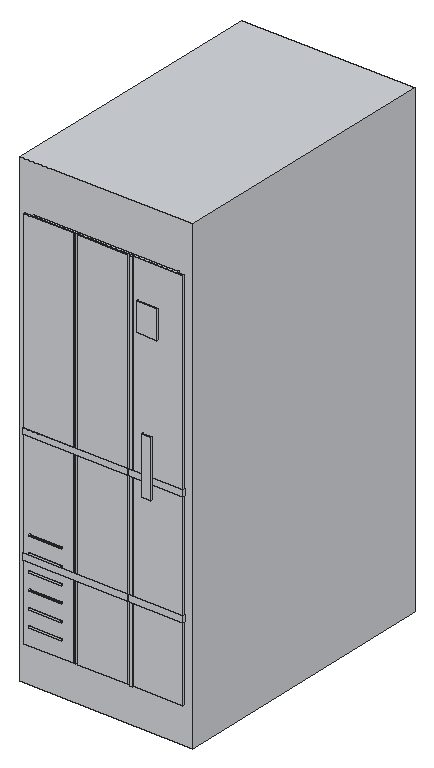
Revit family "GIS_MV_BusCoupler", category Equipamento elétrico, Revit 2027
Family settings
  Configuração do painel = Duas colunas, circuitos transversais
  Cota do conector redondo = Utilizar diâmetro
  Tipo de parte = Painel de controle
  Com base no plano de trabalho = Não
  Sempre na vertical = Sim
  Corte com vazios quando carregada = Não
  Manter orientação da anotação = Não
  Compartilhado = Não
  Ponto de cálculo do ambiente = Não
Parameters (values of type "MV_TIE_17K5_STUDY")
  Default Elevation = 0 mm
  built-in parameter 1140142 [instance] = (empty or 0)
  built-in parameter 1140140 [instance] = 1 (stored number, unit not read)
  BIM_TensaoSecundaria_kV = 0
  BIM_TensaoNominal_kV = 13.8
  BIM_TensaoClasse_kV = 17.5
  BIM_TensaoClasseSecundaria_kV = 0
  BIM_TensaoAuxiliarCA_kV = 0
  BIM_Sistema_Elemento [instance] = ""
  BIM_ReferenciaCatalogo = "Portfolio estimate; 2,000 A candidate only, switchgear manufacturer not selected"
  BIM_Profundidade = 1450 mm
  BIM_Potencia_MVA = 0
  BIM_Localizacao [instance] = ""
  BIM_Largura = 900 mm
  BIM_Impedancia_pu = 0
  BIM_FonteGeometria = "Portfolio estimate; 2,000 A candidate only, switchgear manufacturer not selected"
  BIM_Fabricante = "NAO SELECIONADO"
  BIM_EstadoGeometria = "ESTIMATED"
  BIM_EstadoEspecificacao = "PREMISSA / NAO SELECIONADO"
  BIM_DescricaoEstudo = "Cubiculo de acoplamento de barras 13.8 kV; 2,000 A e candidato, normalmente aberto por premissa."
  BIM_CorrenteReferenciaSecundaria_A = 0
  BIM_CorrenteNominal_A = 2000
  BIM_Bay [instance] = ""
  BIM_AlturaCorpoPrincipal = 2450 mm
  BIM_Altura = 2450 mm
  built-in parameter 1155100 [instance] = (empty or 0)
Reference planes
  plane 1 "Centro (Frente/Trás)": y = 0
  plane 2: z = 0
  plane 3 "Centro (Esquerda/Direita)": x = 0
  plane 4 "BIM Left": x = -450
  plane 5 "BIM Right": x = 450
  plane 6 "BIM Front": y = -725
  plane 7 "BIM Back": y = 725
Forms (mm)
  Extrusion 1, solid
    sketch origin (0, 0, 0) x (1, 0, 0) y (0, 1, 0)
      loop
        line (-450, -725) -> (450, -725) -> (450, 725) -> (-450, 725) -> (-450, -725)
    from 0 to 2450 <- "BIM_AlturaCorpoPrincipal"
  Extrusion 2, solid
    sketch origin (0, 0, 245) x (1, 0, 0) y (0, 1, 0)
      loop
        line (-378, -738.716) -> (378, -738.716) -> (378, -725) -> (-378, -725) -> (-378, -738.716)
    from 0 to 1960
  Extrusion 3, solid
    sketch origin (0, 0, 196) x (1, 0, 0) y (0, 1, 0)
      loop
        line (-414, -744.812) -> (-153, -744.812) -> (-153, -738.716) -> (-414, -738.716) -> (-414, -744.812)
    from 0 to 2009
  Extrusion 4, solid
    sketch origin (0, 0, 196) x (1, 0, 0) y (0, 1, 0)
      loop
        line (-130.5, -744.812) -> (130.5, -744.812) -> (130.5, -738.716) -> (-130.5, -738.716) -> (-130.5, -744.812)
    from 0 to 2009
  Extrusion 5, solid
    sketch origin (0, 0, 196) x (1, 0, 0) y (0, 1, 0)
      loop
        line (153, -744.812) -> (414, -744.812) -> (414, -738.716) -> (153, -738.716) -> (153, -744.812)
    from 0 to 2009
  Extrusion 6, solid
    sketch origin (0, 0, 196) x (1, 0, 0) y (0, 1, 0)
      loop
        line (-153, -747.86) -> (-142.2, -747.86) -> (-142.2, -738.716) -> (-153, -738.716) -> (-153, -747.86)
    from 0 to 2009
  Extrusion 7, solid
    sketch origin (0, 0, 196) x (1, 0, 0) y (0, 1, 0)
      loop
        line (144, -747.86) -> (154.8, -747.86) -> (154.8, -738.716) -> (144, -738.716) -> (144, -747.86)
    from 0 to 2009
  Extrusion 8, solid
    sketch origin (0, 0, 588) x (1, 0, 0) y (0, 1, 0)
      loop
        line (-418.5, -748.47) -> (418.5, -748.47) -> (418.5, -738.106) -> (-418.5, -738.106) -> (-418.5, -748.47)
    from 0 to 29.4
  Extrusion 9, solid
    sketch origin (0, 0, 1176) x (1, 0, 0) y (0, 1, 0)
      loop
        line (-418.5, -748.47) -> (418.5, -748.47) -> (418.5, -738.106) -> (-418.5, -738.106) -> (-418.5, -748.47)
    from 0 to 29.4
  Extrusion 10, solid
    sketch origin (0, 0, 281.75) x (1, 0, 0) y (0, 1, 0)
      loop
        line (-382.5, -750.298) -> (-211.5, -750.298) -> (-211.5, -746.641) -> (-382.5, -746.641) -> (-382.5, -750.298)
    from 0 to 7.62
  Extrusion 11, solid
    sketch origin (0, 0, 367.5) x (1, 0, 0) y (0, 1, 0)
      loop
        line (-382.5, -750.298) -> (-211.5, -750.298) -> (-211.5, -746.641) -> (-382.5, -746.641) -> (-382.5, -750.298)
    from 0 to 7.62
  Extrusion 12, solid
    sketch origin (0, 0, 453.25) x (1, 0, 0) y (0, 1, 0)
      loop
        line (-382.5, -750.298) -> (-211.5, -750.298) -> (-211.5, -746.641) -> (-382.5, -746.641) -> (-382.5, -750.298)
    from 0 to 7.62
  Extrusion 13, solid
    sketch origin (0, 0, 539) x (1, 0, 0) y (0, 1, 0)
      loop
        line (-382.5, -750.298) -> (-211.5, -750.298) -> (-211.5, -746.641) -> (-382.5, -746.641) -> (-382.5, -750.298)
    from 0 to 7.62
  Extrusion 14, solid
    sketch origin (0, 0, 624.75) x (1, 0, 0) y (0, 1, 0)
      loop
        line (-382.5, -750.298) -> (-211.5, -750.298) -> (-211.5, -746.641) -> (-382.5, -746.641) -> (-382.5, -750.298)
    from 0 to 7.62
  Extrusion 15, solid
    sketch origin (0, 0, 710.5) x (1, 0, 0) y (0, 1, 0)
      loop
        line (-382.5, -750.298) -> (-211.5, -750.298) -> (-211.5, -746.641) -> (-382.5, -746.641) -> (-382.5, -750.298)
    from 0 to 7.62
  Extrusion 16, solid
    sketch origin (0, 0, 1102.5) x (1, 0, 0) y (0, 1, 0)
      loop
        line (207, -751.822) -> (256.5, -751.822) -> (256.5, -746.336) -> (207, -746.336) -> (207, -751.822)
    from 0 to 294
  Extrusion 17, solid
    sketch origin (0, 0, 1862) x (1, 0, 0) y (0, 1, 0)
      loop
        line (180, -752.127) -> (288, -752.127) -> (288, -746.641) -> (180, -746.641) -> (180, -752.127)
    from 0 to 147
Dimensions and locks
  "BIM_Largura": plane 4 "BIM Left" to plane 5 "BIM Right"
  "BIM_Profundidade": plane 6 "BIM Front" to plane 7 "BIM Back"
  aligned and locked: level to plane 2
  aligned and locked: plane 4 "BIM Left" to Extrusion 1
  aligned and locked: Extrusion 1 to plane 5 "BIM Right"
  aligned and locked: Extrusion 1 to plane 6 "BIM Front"
  aligned and locked: plane 7 "BIM Back" to Extrusion 1
Automatic sketch dimensions
  Extrusion 1 sketch curve to plane 4 "BIM Left" = 0 mm
  Extrusion 1 sketch curve to plane 5 "BIM Right" = 0 mm
  Extrusion 1 sketch curve to plane 6 "BIM Front" = 0 mm
  Extrusion 1 sketch curve to plane 7 "BIM Back" = 0 mm
  Extrusion 2 sketch curve to plane 6 "BIM Front" = 0 mm
  Extrusion 2 sketch curve to plane 6 "BIM Front" = 13.716 mm
  Extrusion 2 sketch curve to plane 4 "BIM Left" = 72 mm
  plane 5 "BIM Right" to Extrusion 2 sketch curve = 72 mm
  Extrusion 3 sketch curve to plane 4 "BIM Left" = 36 mm
  Extrusion 3 sketch curve to plane 6 "BIM Front" = 13.716 mm
  Extrusion 3 sketch curve to plane 3 "Centro (Esquerda/Direita)" = 153 mm
  Extrusion 3 sketch curve to Extrusion 3 sketch curve = 6.096 mm
  Extrusion 4 sketch curve to plane 6 "BIM Front" = 19.812 mm
  Extrusion 4 sketch curve to plane 3 "Centro (Esquerda/Direita)" = 130.5 mm
  Extrusion 4 sketch curve to plane 6 "BIM Front" = 13.716 mm
  plane 3 "Centro (Esquerda/Direita)" to Extrusion 4 sketch curve = 130.5 mm
  Extrusion 5 sketch curve to plane 6 "BIM Front" = 19.812 mm
  plane 3 "Centro (Esquerda/Direita)" to Extrusion 5 sketch curve = 153 mm
  Extrusion 5 sketch curve to plane 6 "BIM Front" = 13.716 mm
  plane 5 "BIM Right" to Extrusion 5 sketch curve = 36 mm
  Extrusion 6 sketch curve to plane 6 "BIM Front" = 22.86 mm
  Extrusion 6 sketch curve to plane 3 "Centro (Esquerda/Direita)" = 153 mm
  Extrusion 6 sketch curve to Extrusion 6 sketch curve = 10.8 mm
  Extrusion 6 sketch curve to Extrusion 6 sketch curve = 9.144 mm
  Extrusion 7 sketch curve to plane 6 "BIM Front" = 22.86 mm
  plane 3 "Centro (Esquerda/Direita)" to Extrusion 7 sketch curve = 144 mm
  Extrusion 7 sketch curve to Extrusion 7 sketch curve = 10.8 mm
  Extrusion 7 sketch curve to Extrusion 7 sketch curve = 9.144 mm
  Extrusion 8 sketch curve to plane 4 "BIM Left" = 31.5 mm
  Extrusion 8 sketch curve to plane 6 "BIM Front" = 13.106 mm
  plane 5 "BIM Right" to Extrusion 8 sketch curve = 31.5 mm
  Extrusion 8 sketch curve to Extrusion 8 sketch curve = 10.363 mm
  Extrusion 9 sketch curve to plane 4 "BIM Left" = 31.5 mm
  Extrusion 9 sketch curve to plane 6 "BIM Front" = 13.106 mm
  plane 5 "BIM Right" to Extrusion 9 sketch curve = 31.5 mm
  Extrusion 9 sketch curve to Extrusion 9 sketch curve = 10.363 mm
  Extrusion 10 sketch curve to plane 6 "BIM Front" = 25.298 mm
  Extrusion 10 sketch curve to plane 4 "BIM Left" = 67.5 mm
  Extrusion 10 sketch curve to plane 6 "BIM Front" = 21.641 mm
  Extrusion 10 sketch curve to Extrusion 10 sketch curve = 171 mm
  Extrusion 11 sketch curve to plane 6 "BIM Front" = 25.298 mm
  Extrusion 11 sketch curve to plane 4 "BIM Left" = 67.5 mm
  Extrusion 11 sketch curve to plane 6 "BIM Front" = 21.641 mm
  Extrusion 11 sketch curve to Extrusion 11 sketch curve = 171 mm
  Extrusion 12 sketch curve to plane 6 "BIM Front" = 25.298 mm
  Extrusion 12 sketch curve to plane 4 "BIM Left" = 67.5 mm
  Extrusion 12 sketch curve to plane 6 "BIM Front" = 21.641 mm
  Extrusion 12 sketch curve to Extrusion 12 sketch curve = 171 mm
  Extrusion 13 sketch curve to plane 6 "BIM Front" = 25.298 mm
  Extrusion 13 sketch curve to plane 4 "BIM Left" = 67.5 mm
  Extrusion 13 sketch curve to plane 6 "BIM Front" = 21.641 mm
  Extrusion 13 sketch curve to Extrusion 13 sketch curve = 171 mm
  Extrusion 14 sketch curve to plane 6 "BIM Front" = 25.298 mm
  Extrusion 14 sketch curve to plane 4 "BIM Left" = 67.5 mm
  Extrusion 14 sketch curve to plane 6 "BIM Front" = 21.641 mm
  Extrusion 14 sketch curve to Extrusion 14 sketch curve = 171 mm
  Extrusion 15 sketch curve to plane 6 "BIM Front" = 25.298 mm
  Extrusion 15 sketch curve to plane 4 "BIM Left" = 67.5 mm
  Extrusion 15 sketch curve to plane 6 "BIM Front" = 21.641 mm
  Extrusion 15 sketch curve to Extrusion 15 sketch curve = 171 mm
  Extrusion 16 sketch curve to plane 6 "BIM Front" = 26.822 mm
  plane 3 "Centro (Esquerda/Direita)" to Extrusion 16 sketch curve = 207 mm
  Extrusion 16 sketch curve to plane 6 "BIM Front" = 21.336 mm
  Extrusion 16 sketch curve to Extrusion 16 sketch curve = 49.5 mm
  Extrusion 17 sketch curve to plane 6 "BIM Front" = 27.127 mm
  plane 3 "Centro (Esquerda/Direita)" to Extrusion 17 sketch curve = 180 mm
  Extrusion 17 sketch curve to plane 6 "BIM Front" = 21.641 mm
  Extrusion 17 sketch curve to Extrusion 17 sketch curve = 108 mm
